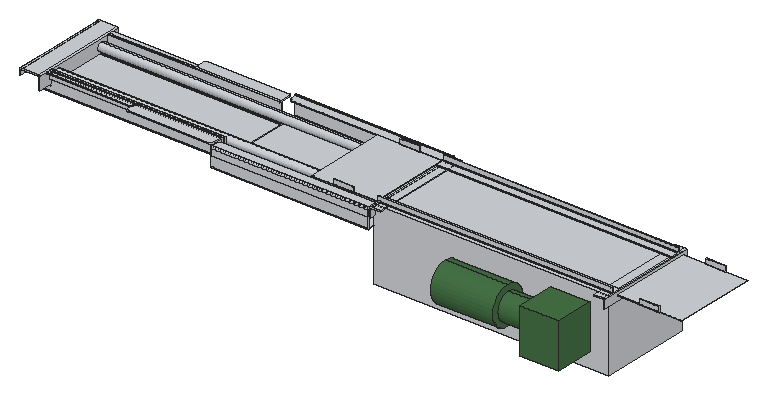
Revit family "C370", category Specialty Equipment, Revit 2025
Family settings
  Round Connector Dimension = Use Diameter
  Part Type = Normal
  Work Plane-Based = No
  Enable Cutting in Views = No
  Always vertical = Yes
  Cut with Voids When Loaded = No
  Maintain Annotation Orientation = No
  Shared = No
  Room Calculation Point = No
Parameters
  Weight [instance] = 0
  Version = ""
  Subsystem [instance] = ""
  Special_Part_Number [instance] = ""
  Special_Description [instance] = ""
  Special_Bed [instance] = no
  Segment [instance] = ""
  SPRING_COVER_WIDTH_6 [instance] = Drive_width + 0' 0 87/128"  # 1' - 7 87/128"
  SPRING_COVER_WIDTH_5 [instance] = Drive_width - 0' 5 159/256"  # 1' - 1 97/256"
  SPRING_COVER_WIDTH_4 [instance] = Drive_width - 0' 0 195/256"  # 1' - 6 61/256"
  SPRING_COVER_WIDTH_3 [instance] = Drive_width - 0' 3 59/128"  # 1' - 3 69/128"
  SPRING_COVER_WIDTH_2 [instance] = Drive_width - 0' 0 59/128"  # 1' - 6 69/128"
  SPRING_COVER_WIDTH [instance] = Drive_width + 0' 1 15/256"  # 1' - 8 15/256"
  SIO_Block_Number [instance] = ""
  Operational_Rate [instance] = ""
  Material_Number [instance] = ""
  MCP [instance] = ""
  Load_Envelope_Height [instance] = 2' - 0"
  Load_Envelope [instance] = yes
  Inner Width [instance] = CLR_NOMINAL_WIDTH - 0' 2 1/2"  # 1' - 3 1/2"
  IO_Block_Number [instance] = ""
  Estop_Zone [instance] = ""
  Error_State [instance] = yes
  Drive_width [instance] = CLR_NOMINAL_WIDTH + 0' 1"  # 1' - 7"
  Default Elevation = 0' - 0"
  Conveyor_Number [instance] = "100"
  Conveyor_Elevation_Out [instance] = Conveyor_Elevation_In  # 2' - 6"
  Conveyor_Elevation_In [instance] = 2' - 6"
  CLR_ZONE_CONTROL = ""
  CLR_ZONES = 0' - 0"
  CLR_VFD [instance] = yes
  CLR_TE_POSITION = "N"
  CLR_TAKE_UP_SPRING_QUANTITY [instance] = 2
  CLR_TAKE_UP [instance] = "Long Spring"
  CLR_SUBCLASS = ""
  CLR_SPRING_COVER = no
  CLR_SPEED_FPM [instance] = 120
  CLR_SLAVE_RATIO = "N"
  CLR_SENSOR_SKEW = 0' - 0"
  CLR_SENSOR_MOUNT = ""
  CLR_SENSOR_HAND = ""
  CLR_ROLLER_CENTER = 0' - 0"
  CLR_PULLEY_TYPE = "N"
  CLR_POPOUT_CARRYING_ROLLERS = no
  CLR_NOMINAL_WIDTH = 1' - 6"
  CLR_MOTOR_VOLTAGE [instance] = "230/60"
  CLR_MOTOR_TYPE [instance] = "Standard"
  CLR_MOTOR_HP [instance] = 1
  CLR_MODULE = ""
  CLR_LIFTER_ROLLER_CENTER = 0' - 0"
  CLR_FINGER_GUARD = no
  CLR_DRIVE_TRAIN_TYPE [instance] = "Direct"
  CLR_DRIVE_SIZE [instance] = 6
  CLR_CONTROL_VOLTAGE = ""
  CLR_CONTROL_DEVICE = ""
  CLR_CONNECTION_KIT = "N"
  CLR_CARRYING_ROLLER = "N"
  CLR_BOTTOM_COVERS = yes
  CLR_BED_LENGTH = 0' - 0"
  CLR_ASSEMBLY_HAND [instance] = "Right"
  CLR_AIR_BRAKE = 0
  Asset ID [instance] = ""
  Air_Consumption [instance] = 0
  Acceptance_Rate [instance] = ""
Reference planes (in)
  plane 1 "Center (Front/Back)": y = 0
  plane 2: z = 0
  plane 3 "Center (Left/Right)": x = 0
  plane 4 "Bot_of_SideFrame": z = 23.71
  plane 5 "Top_of_SideFrame": z = 29.71
  plane 6 "Top_of_Roller": z = 30
  plane 7: z = 10.46
  plane 8: x = 65.55859
  plane 9: x = 109.3125
  plane 10 "1": x = 65.5
  plane 11: y = 10.0293
  plane 12: y = -10.0293
  plane 13 "3": x = 36.5
  plane 14: x = 35.88
  plane 15: x = 19.88
  plane 16: y = 9.26953
  plane 17: y = -9.26953
  plane 18: x = 3.88
  plane 19: y = 7.76953
  plane 20: y = -7.76953
  plane 21 "2": x = 2
  plane 22: x = 102.0825
Forms (in)
  Extrusion 1, solid
    sketch origin (0, 0, 0) x (1, 0, 0) y (0, 1, 0)
      loop
        line (65.55859, 8.5) -> (65.55859, -8.5) -> (109.3125, -8.5) -> (109.3125, 8.5) -> (65.55859, 8.5)
    from 10.46 to 23.71
  Extrusion 2, solid
    sketch origin (109.3125, 24.98665, 48) x (0, 1, 0) y (0, 0, 1)
      loop
        line (-32.73665, -23.23) -> (-32.73665, -24.04)
        arc (-32.73665, -24.04) -> (-32.66343, -24.21678) -> (-32.48665, -24.29) r 0.25
        line (-32.48665, -24.29) -> (-30.98665, -24.29) -> (-30.98665, -24.16109) -> (-32.48275, -24.16109)
        arc (-32.48275, -24.16109) -> (-32.57114, -24.12448) -> (-32.60775, -24.03609) r 0.125
        line (-32.60775, -24.03609) -> (-32.60775, -23.23) -> (-32.73665, -23.23)
    from 0 to -43.75391
  Extrusion 3, solid
    sketch origin (109.3125, -25.23665, 48) x (0, -1, 0) y (0, 0, -1)
      loop
        line (-32.98665, 23.23) -> (-32.85775, 23.23) -> (-32.85775, 24.03609)
        arc (-32.85775, 24.03609) -> (-32.82114, 24.12448) -> (-32.73275, 24.16109) r 0.125
        line (-32.73275, 24.16109) -> (-31.23665, 24.16109) -> (-31.23665, 24.29) -> (-32.73665, 24.29)
        arc (-32.73665, 24.29) -> (-32.91343, 24.21678) -> (-32.98665, 24.04) r 0.25
        line (-32.98665, 24.04) -> (-32.98665, 23.23)
    from 0 to -43.75391
  Extrusion 4, solid
    sketch origin (-1.03656, 0, 1.8976) x (1, 0, 0) y (0, 0, 1)
      loop
        arc (66.84515, 21.8124) -> (66.66837, 21.73918) -> (66.59515, 21.5624) r 0.25
        line (66.59515, 21.5624) -> (66.59515, 20.0624) -> (66.77484, 20.0624) -> (66.77484, 21.50772)
        arc (66.77484, 21.50772) -> (66.81145, 21.5961) -> (66.89984, 21.63272) r 0.125
        line (66.89984, 21.63272) -> (68.55515, 21.63272) -> (68.55515, 21.8124) -> (66.84515, 21.8124)
    from -9.5 to 9.5
  Extrusion 5, solid
    sketch origin (175.90765, -12, 1.8976) x (-1, 0, 0) y (0, 0, 1)
      loop
        arc (66.84515, 21.8124) -> (66.66837, 21.73918) -> (66.59515, 21.5624) r 0.25
        line (66.59515, 21.5624) -> (66.59515, 20.0624) -> (66.77484, 20.0624) -> (66.77484, 21.50772)
        arc (66.77484, 21.50772) -> (66.81145, 21.5961) -> (66.89984, 21.63272) r 0.125
        line (66.89984, 21.63272) -> (68.55515, 21.63272) -> (68.55515, 21.8124) -> (66.84515, 21.8124)
    from 2.5 to 21.5
  Extrusion 6, solid
    sketch origin (65.5, -1.79419, 0.44869) x (0, 1, 0) y (0, 0, 1)
      loop
        line (11.57349, 23.26131) -> (9.82349, 23.26131) -> (9.82349, 23.08162) -> (11.5188, 23.08162)
        arc (11.5188, 23.08162) -> (11.60719, 23.04501) -> (11.6438, 22.95662) r 0.125
        line (11.6438, 22.95662) -> (11.6438, 21.76131) -> (11.82349, 21.76131) -> (11.82349, 23.01131)
        arc (11.82349, 23.01131) -> (11.75026, 23.18809) -> (11.57349, 23.26131) r 0.25
    from 0 to -29
  Extrusion 7, solid
    sketch origin (20, 1.79419, 0.44869) x (0, -1, 0) y (0, 0, 1)
      loop
        line (11.57349, 23.26131) -> (9.82349, 23.26131) -> (9.82349, 23.08162) -> (11.5188, 23.08162)
        arc (11.5188, 23.08162) -> (11.60719, 23.04501) -> (11.6438, 22.95662) r 0.125
        line (11.6438, 22.95662) -> (11.6438, 21.76131) -> (11.82349, 21.76131) -> (11.82349, 23.01131)
        arc (11.82349, 23.01131) -> (11.75026, 23.18809) -> (11.57349, 23.26131) r 0.25
    from -16.5 to -45.5
  Extrusion 8, void
    sketch origin (65.5, 9.7793, 23.71) x (1, 0, 0) y (0, -1, 0)
      loop
        line (-28.5, 1.75) -> (-28.5, 2.25) -> (-29.5, 2.25) -> (-29.5, 1.25) -> (-29, 1.25)
        arc (-29, 1.25) -> (-28.85355, 1.60355) -> (-28.5, 1.75) r 0.5
      loop
        line (0, 1.25) -> (0.03635, 1.25) -> (0.03635, 1.842) -> (-0.5, 1.842) -> (-0.5, 1.75)
        arc (-0.5, 1.75) -> (-0.14645, 1.60355) -> (0, 1.25) r 0.5
    from 0 to 12
  Extrusion 9, void
    sketch origin (20, -9.7793, 23.71) x (-1, 0, 0) y (0, 1, 0)
      loop
        line (-45, 1.75) -> (-45, 1.82053) -> (-45.53797, 1.82053) -> (-45.53797, 1.25) -> (-45.5, 1.25)
        arc (-45.5, 1.25) -> (-45.35355, 1.60355) -> (-45, 1.75) r 0.5
      loop
        arc (-17, 1.75) -> (-16.64645, 1.60355) -> (-16.5, 1.25) r 0.5
        line (-16.5, 1.25) -> (-16.33335, 1.25) -> (-16.33335, 1.88015) -> (-17, 1.88015) -> (-17, 1.75)
    from 0 to 12
  Extrusion 10, solid
    sketch origin (65.5, 20.91594, 4.26413) x (0, -1, 0) y (0, 0, -1)
      loop
        arc (13.89641, -19.44587) -> (14.07318, -19.37265) -> (14.14641, -19.19587) r 0.25
        line (14.14641, -19.19587) -> (14.14641, -17.94587) -> (13.96672, -17.94587) -> (13.96672, -19.14118)
        arc (13.96672, -19.14118) -> (13.93011, -19.22957) -> (13.84172, -19.26618) r 0.125
        line (13.84172, -19.26618) -> (11.64641, -19.26618) -> (11.64641, -19.44587) -> (13.89641, -19.44587)
    from -45.62 to -29.62
  Extrusion 11, solid
    sketch origin (-4.36, -20.91594, 4.26413) x (0, 1, 0) y (0, 0, -1)
      loop
        arc (13.89641, -19.44587) -> (14.07318, -19.37265) -> (14.14641, -19.19587) r 0.25
        line (14.14641, -19.19587) -> (14.14641, -17.94587) -> (13.96672, -17.94587) -> (13.96672, -19.14118)
        arc (13.96672, -19.14118) -> (13.93011, -19.22957) -> (13.84172, -19.26618) r 0.125
        line (13.84172, -19.26618) -> (11.64641, -19.26618) -> (11.64641, -19.44587) -> (13.89641, -19.44587)
    from -40.24 to -24.24
  Extrusion 12, void
    sketch origin (-4.36, -7.01953, 23.71) x (1, 0, 0) y (0, -1, 0)
      loop
        line (24.24, -15.78906) -> (23.99, -15.78906) -> (23.99, -16.53906) -> (24.74, -16.53906) -> (24.74, -16.28906)
        arc (24.74, -16.28906) -> (24.38645, -16.14262) -> (24.24, -15.78906) r 0.5
      loop
        line (39.74, -16.28906) -> (39.74, -16.53906) -> (40.49, -16.53906) -> (40.49, -15.78906) -> (40.24, -15.78906)
        arc (40.24, -15.78906) -> (40.09355, -16.14262) -> (39.74, -16.28906) r 0.5
      loop
        line (24.74, 2.25) -> (24.74, 2.5725) -> (23.99, 2.5725) -> (23.99, 1.75) -> (24.24, 1.75)
        arc (24.24, 1.75) -> (24.38645, 2.10355) -> (24.74, 2.25) r 0.5
      loop
        arc (39.74, 2.25) -> (40.09355, 2.10355) -> (40.24, 1.75) r 0.5
        line (40.24, 1.75) -> (40.61073, 1.75) -> (40.61073, 2.75) -> (39.74, 2.75) -> (39.74, 2.25)
    from 0 to 12
  Extrusion 13, solid
    sketch origin (65.5, 2.75197, 2.89145) x (0, 1, 0) y (0, 0, 1)
      loop
        line (5.01756, 20.81855) -> (4.26756, 20.81855)
        arc (4.26756, 20.81855) -> (4.09078, 20.74532) -> (4.01756, 20.56855) r 0.25
        line (4.01756, 20.56855) -> (4.01756, 19.31855) -> (4.19725, 19.31855) -> (4.19725, 20.51386)
        arc (4.19725, 20.51386) -> (4.23386, 20.60225) -> (4.32225, 20.63886) r 0.125
        line (4.32225, 20.63886) -> (5.01756, 20.63886) -> (5.01756, 20.81855)
    from -61.62 to -45.62
  Extrusion 14, solid
    sketch origin (-39.39712, -2.75197, 2.89145) x (0, -1, 0) y (0, 0, 1)
      loop
        line (5.01756, 20.81855) -> (4.26756, 20.81855)
        arc (4.26756, 20.81855) -> (4.09078, 20.74532) -> (4.01756, 20.56855) r 0.25
        line (4.01756, 20.56855) -> (4.01756, 19.31855) -> (4.19725, 19.31855) -> (4.19725, 20.51386)
        arc (4.19725, 20.51386) -> (4.23386, 20.60225) -> (4.32225, 20.63886) r 0.125
        line (4.32225, 20.63886) -> (5.01756, 20.63886) -> (5.01756, 20.81855)
    from -59.27712 to -43.27712
  Extrusion 15, void
    sketch origin (65.5, 7.76953, 23.71) x (1, 0, 0) y (0, -1, 0)
      loop
        line (-61.37, 15.53906) -> (-61.37, 15.64704) -> (-61.67283, 15.64704) -> (-61.67283, 15.28906) -> (-61.62, 15.28906)
        arc (-61.62, 15.28906) -> (-61.54678, 15.46584) -> (-61.37, 15.53906) r 0.25
      loop
        arc (-45.87, 15.53906) -> (-45.69322, 15.46584) -> (-45.62, 15.28906) r 0.25
        line (-45.62, 15.28906) -> (-45.62, 15.53906) -> (-45.87, 15.53906)
      loop
        line (-45.87, 0) -> (-45.62, 0) -> (-45.62, 0.25)
        arc (-45.62, 0.25) -> (-45.69322, 0.07322) -> (-45.87, 0) r 0.25
      loop
        line (-61.62, 0.25) -> (-61.87, 0.25) -> (-61.87, -0.15887) -> (-61.37, -0.15887) -> (-61.37, 0)
        arc (-61.37, 0) -> (-61.54678, 0.07322) -> (-61.62, 0.25) r 0.25
    from 0 to 12
  Extrusion 16, solid
    sketch origin (-1.63754, 0, 1.05497) x (1, 0, 0) y (0, 0, 1)
      loop
        arc (1.88754, 22.65503) -> (1.71076, 22.58181) -> (1.63754, 22.40503) r 0.25
        line (1.63754, 22.40503) -> (1.63754, 21.53503) -> (1.81722, 21.53503) -> (1.81722, 22.35034)
        arc (1.81722, 22.35034) -> (1.85383, 22.43873) -> (1.94222, 22.47534) r 0.125
        line (1.94222, 22.47534) -> (5.08285, 22.47534)
        arc (5.08285, 22.47534) -> (5.17124, 22.43873) -> (5.20785, 22.35034) r 0.125
        line (5.20785, 22.35034) -> (5.20785, 20.15503) -> (5.38754, 20.15503) -> (5.38754, 22.40503)
        arc (5.38754, 22.40503) -> (5.31431, 22.58181) -> (5.13754, 22.65503) r 0.25
        line (5.13754, 22.65503) -> (1.88754, 22.65503)
    from -9.11914 to 9.11914
  Extrusion 17, solid
    sketch origin (2, 0, 2.61463) x (0, 0, 1) y (0, -1, 0)
      loop
        line (21.09537, 6.50977) -> (21.09537, 6.68945) -> (17.59537, 6.68945)
        arc (17.59537, 6.68945) -> (17.4186, 6.61623) -> (17.34537, 6.43945) r 0.25
        line (17.34537, 6.43945) -> (17.34537, -6.43945)
        arc (17.34537, -6.43945) -> (17.4186, -6.61623) -> (17.59537, -6.68945) r 0.25
        line (17.59537, -6.68945) -> (21.09537, -6.68945) -> (21.09537, -6.50977) -> (17.65006, -6.50977)
        arc (17.65006, -6.50977) -> (17.56167, -6.47315) -> (17.52506, -6.38477) r 0.125
        line (17.52506, -6.38477) -> (17.52506, 6.38477)
        arc (17.52506, 6.38477) -> (17.56167, 6.47315) -> (17.65006, 6.50977) r 0.125
        line (17.65006, 6.50977) -> (21.09537, 6.50977)
    from 0 to 34.25
  Extrusion 18, solid
    sketch origin (36.5, 0, 5.66741) x (0, 1, 0) y (0, 0, 1)
      loop
        line (-9.66016, 18.04259) -> (-9.83984, 18.04259) -> (-9.83984, 14.54259)
        arc (-9.83984, 14.54259) -> (-9.76662, 14.36581) -> (-9.58984, 14.29259) r 0.25
        line (-9.58984, 14.29259) -> (9.58984, 14.29259)
        arc (9.58984, 14.29259) -> (9.76662, 14.36581) -> (9.83984, 14.54259) r 0.25
        line (9.83984, 14.54259) -> (9.83984, 18.04259) -> (9.66016, 18.04259) -> (9.66016, 14.59728)
        arc (9.66016, 14.59728) -> (9.62354, 14.50889) -> (9.53516, 14.47228) r 0.125
        line (9.53516, 14.47228) -> (-9.53516, 14.47228)
        arc (-9.53516, 14.47228) -> (-9.62354, 14.50889) -> (-9.66016, 14.59728) r 0.125
        line (-9.66016, 14.59728) -> (-9.66016, 18.04259)
    from -0.25 to 29
  Extrusion 19, void
    sketch origin (0, 0, 0) x (1, 0, 0) y (0, 0, 1)
      loop
        line (2, 23.53031) -> (3.44531, 23.53031) -> (3.44531, 21.03031) -> (3.88, 21.03031) -> (3.88, 24.03031) -> (2, 24.03031) -> (2, 23.53031)
    from -29.84383 to 25.79586
  Extrusion 20, solid
    sketch origin (3.75, 0, 23.71) x (0, 0, -1) y (0, 1, 0)
      loop
        circle (1.25, -5) r 0.75
      loop
        circle (1.25, 5) r 0.75
    from 0 to 61.80859
  Extrusion 21, solid, material "MOTOR"
    sketch origin (-1.32384, 0, 1.11785) x (1, 0, 0) y (0, 0, 1)
      loop
        line (99.77634, 20.40215) -> (99.77634, 12.04215) -> (107.03634, 12.04215) -> (107.03634, 20.40215) -> (99.77634, 20.40215)
    from 8.5 to 15.75185
  Extrusion 22, solid, material "MOTOR"
    sketch origin (98.4525, 0, 21.16) x (0, 0, 1) y (0, 1, 0)
      loop
        circle (-2.5, -12.83193) r 2.485
    from 0 to 4.53125
  Extrusion 23, solid, material "MOTOR"
    sketch origin (93.92125, 0, 21.16) x (0, 0, 1) y (0, 1, 0)
      loop
        circle (-2.5, -12.83193) r 3.5
    from 0 to 11.62891
Cuts and joins
  Extrusion 8 cuts Extrusion 4
  Extrusion 8 cuts Extrusion 6
  Extrusion 9 cuts Extrusion 7
  Extrusion 12, Extrusion 15 cuts Extrusion 10
  Extrusion 12, Extrusion 15 cuts Extrusion 11
  Extrusion 15 cuts Extrusion 13
  Extrusion 15 cuts Extrusion 14
  Extrusion 19 cuts Extrusion 17
Dimensions and locks (in)
  locked: plane 3 "Center (Left/Right)" to nested 1 at 110.25
  locked: plane 3 "Center (Left/Right)" to nested 2 at 53.25
  "Conveyor_Elevation_In": plane 6 "Top_of_Roller" to level
  locked: plane 6 "Top_of_Roller" to plane 5 "Top_of_SideFrame" at 0.29
  locked: plane 5 "Top_of_SideFrame" to plane 4 "Bot_of_SideFrame" at 6
  locked: nested 2 to plane 4 "Bot_of_SideFrame"
  locked: nested 1 to plane 4 "Bot_of_SideFrame"
  equal spacing: Extrusion 1 sketch curve, plane 1 "Center (Front/Back)", Extrusion 1 sketch curve
  locked: plane 4 "Bot_of_SideFrame" to plane 7 at 13.25
  locked: plane 3 "Center (Left/Right)" to plane 8 at 65.55859
  plane 3 "Center (Left/Right)" to plane 9 = 9' - 1 5/16"
  locked: Extrusion 2 sketch curve to Extrusion 2 sketch curve at 1.75
  locked: Extrusion 2 sketch curve to Extrusion 2 sketch curve at 1.06
  locked: Extrusion 2 sketch curve to Extrusion 2 sketch curve at 0.12891
  locked: Extrusion 2 sketch curve to Extrusion 1 at 0.12891
  locked: Extrusion 3 sketch curve to Extrusion 3 sketch curve at 1.75
  locked: Extrusion 3 sketch curve to Extrusion 3 sketch curve at 1.06
  locked: Extrusion 3 sketch curve to Extrusion 3 sketch curve at 0.12891
  locked: Extrusion 3 to plane 4 "Bot_of_SideFrame"
  equal spacing: Extrusion 2, nested 1, Extrusion 3
  "Inner Width": Extrusion 2 to Extrusion 3
  locked: Extrusion 4 sketch curve to Extrusion 4 sketch curve at 1.96
  locked: Extrusion 4 sketch curve to Extrusion 4 sketch curve at 1.75
  locked: Extrusion 4 sketch curve to Extrusion 4 sketch curve at 0.17969  (x2)
  locked: Extrusion 4 to plane 8
  locked: plane 4 "Bot_of_SideFrame" to Extrusion 4
  locked: Extrusion 5 sketch curve to Extrusion 5 sketch curve at 1.96
  locked: Extrusion 5 sketch curve to Extrusion 5 sketch curve at 1.75
  locked: Extrusion 5 sketch curve to Extrusion 5 sketch curve at 0.17969  (x2)
  locked: plane 9 to Extrusion 5
  locked: plane 4 "Bot_of_SideFrame" to Extrusion 5
  equal spacing: Extrusion 4, plane 1 "Center (Front/Back)", Extrusion 4
  "Drive_width": Extrusion 4 to Extrusion 4
  equal spacing: Extrusion 5, plane 1 "Center (Front/Back)", Extrusion 5
  "Drive_width": Extrusion 5 to Extrusion 5
  locked: Extrusion 1 sketch curve to Extrusion 1 sketch curve at 17
  locked: plane 3 "Center (Left/Right)" to plane 10 "1" at 65.5
  locked: Extrusion 6 sketch curve to Extrusion 6 sketch curve at 2
  locked: Extrusion 6 sketch curve to Extrusion 6 sketch curve at 1.5
  locked: Extrusion 6 sketch curve to Extrusion 6 sketch curve at 0.17969  (x2)
  locked: Extrusion 6 to plane 4 "Bot_of_SideFrame"
  equal spacing: plane 11, plane 1 "Center (Front/Back)", plane 12
  "SPRING_COVER_WIDTH": plane 11 to plane 12
  locked: plane 11 to Extrusion 6
  locked: plane 13 "3" to plane 10 "1" at 29
  locked: Extrusion 7 sketch curve to Extrusion 7 sketch curve at 2
  locked: Extrusion 7 sketch curve to Extrusion 7 sketch curve at 1.5
  locked: Extrusion 7 sketch curve to Extrusion 7 sketch curve at 0.17969  (x2)
  locked: plane 12 to Extrusion 7
  plane 14 to plane 13 "3" = 0' - 0.62"
  locked: plane 15 to plane 14 at 16
  equal spacing: plane 16, plane 1 "Center (Front/Back)", plane 17
  "SPRING_COVER_WIDTH_2": plane 16 to plane 17
  locked: Extrusion 10 sketch curve to Extrusion 10 sketch curve at 2.5
  locked: Extrusion 10 sketch curve to Extrusion 10 sketch curve at 1.5
  locked: Extrusion 10 sketch curve to Extrusion 10 sketch curve at 0.17969  (x2)
  locked: plane 16 to Extrusion 10
  locked: plane 4 "Bot_of_SideFrame" to Extrusion 10
  locked: Extrusion 11 sketch curve to Extrusion 11 sketch curve at 2.5
  locked: Extrusion 11 sketch curve to Extrusion 11 sketch curve at 1.5
  locked: Extrusion 11 sketch curve to Extrusion 11 sketch curve at 0.17969  (x2)
  locked: Extrusion 11 to plane 14
  locked: Extrusion 11 to plane 15
  locked: plane 17 to Extrusion 11
  locked: plane 18 to plane 15 at 16
  equal spacing: plane 19, plane 1 "Center (Front/Back)", plane 20
  "SPRING_COVER_WIDTH_3": plane 19 to plane 20
  locked: Extrusion 13 sketch curve to Extrusion 13 sketch curve at 1
  locked: Extrusion 13 sketch curve to Extrusion 13 sketch curve at 1.5
  locked: Extrusion 13 sketch curve to Extrusion 13 sketch curve at 0.17969  (x2)
  locked: plane 4 "Bot_of_SideFrame" to Extrusion 13
  locked: plane 19 to Extrusion 13
  locked: Extrusion 14 sketch curve to Extrusion 14 sketch curve at 1
  locked: Extrusion 14 sketch curve to Extrusion 14 sketch curve at 1.5
  locked: Extrusion 14 sketch curve to Extrusion 14 sketch curve at 0.17969  (x2)
  locked: plane 20 to Extrusion 14
  locked: plane 18 to Extrusion 14
  locked: Extrusion 14 to plane 15
  locked: Extrusion 16 sketch curve to Extrusion 16 sketch curve at 1.12
  locked: Extrusion 16 sketch curve to Extrusion 16 sketch curve at 0.17969  (x3)
  locked: plane 4 "Bot_of_SideFrame" to Extrusion 16
  locked: Extrusion 16 to plane 3 "Center (Left/Right)"
  equal spacing: Extrusion 16, plane 1 "Center (Front/Back)", Extrusion 16
  "SPRING_COVER_WIDTH_4": Extrusion 16 to Extrusion 16
  locked: plane 21 "2" to plane 3 "Center (Left/Right)" at 2
  equal spacing: Extrusion 17 sketch curve, plane 1 "Center (Front/Back)", Extrusion 17 sketch curve
  "SPRING_COVER_WIDTH_5": Extrusion 17 sketch curve to Extrusion 17 sketch curve
  locked: Extrusion 17 sketch curve to Extrusion 17 sketch curve at 3.75
  locked: Extrusion 17 sketch curve to Extrusion 17 sketch curve at 0.17969  (x3)
  locked: plane 4 "Bot_of_SideFrame" to Extrusion 17
  equal spacing: Extrusion 18 sketch curve, plane 1 "Center (Front/Back)", Extrusion 18 sketch curve
  "SPRING_COVER_WIDTH_6": Extrusion 18 sketch curve to Extrusion 18 sketch curve
  locked: Extrusion 18 sketch curve to Extrusion 18 sketch curve at 3.75  (x2)
  locked: Extrusion 18 sketch curve to Extrusion 18 sketch curve at 0.17969  (x3)
  locked: plane 4 "Bot_of_SideFrame" to Extrusion 18
  locked: Extrusion 16 sketch curve to Extrusion 16 sketch curve at 2.5
  locked: Extrusion 16 sketch curve to Extrusion 16 sketch curve at 3.75
  locked: plane 4 "Bot_of_SideFrame" to Extrusion 20 sketch curve at 1.25  (x2)
  locked: Extrusion 20 sketch curve to plane 1 "Center (Front/Back)" at 5
  locked: plane 1 "Center (Front/Back)" to Extrusion 20 sketch curve at 5
  locked: Extrusion 21 sketch curve to Extrusion 21 sketch curve at 8.36
  locked: Extrusion 21 sketch curve to Extrusion 21 sketch curve at 7.26
  locked: Extrusion 21 to plane 7 at 2.7
  plane 9 to Extrusion 21 = 0' - 3.6"
  aligned and locked: level to plane 2
  aligned and locked: plane 1 "Center (Front/Back)" to nested 1
  aligned and locked: plane 1 "Center (Front/Back)" to nested 2
  aligned and locked: plane 4 "Bot_of_SideFrame" to Extrusion 1
  aligned and locked: Extrusion 1 to plane 7
  aligned and locked: Extrusion 1 to plane 8
  aligned and locked: plane 9 to Extrusion 1
  aligned and locked: Extrusion 2 to plane 8
  aligned and locked: Extrusion 6 to plane 13 "3"
  aligned and locked: plane 10 "1" to Extrusion 7
  aligned and locked: Extrusion 7 to plane 13 "3"
  aligned and locked: Extrusion 10 to plane 15
  aligned and locked: plane 14 to Extrusion 10
  aligned and locked: Extrusion 13 to plane 18
  aligned and locked: plane 15 to Extrusion 13
  aligned and locked: plane 10 "1" to Extrusion 18
  aligned and locked: Extrusion 18 to Extrusion 17
  aligned and locked: Extrusion 20 to Extrusion 1
  aligned and locked: Extrusion 21 to Extrusion 1
Automatic sketch dimensions
  Extrusion 1 sketch curve to plane 8 = 0' - 0"
  Extrusion 1 sketch curve to plane 9 = 0' - 0"
  Extrusion 2 sketch curve to plane 4 "Bot_of_SideFrame" = 0' - 0"
  Extrusion 2 sketch curve to plane 20 = 0' - 0 5/256"
  Extrusion 2 sketch curve to Extrusion 2 sketch curve = 0' - 0 31/256"
  Extrusion 2 sketch curve to Extrusion 2 sketch curve = 0' - 0 1/256"
  Extrusion 3 sketch curve to plane 4 "Bot_of_SideFrame" = 0' - 0"
  plane 19 to Extrusion 3 sketch curve = 0' - 0 5/256"
  Extrusion 3 sketch curve to Extrusion 3 sketch curve = 0' - 0 31/256"
  Extrusion 3 sketch curve to Extrusion 3 sketch curve = 0' - 0 1/256"  (x2)
  Extrusion 4 sketch curve to plane 8 = 0' - 0"
  Extrusion 4 sketch curve to plane 4 "Bot_of_SideFrame" = 0' - 0"
  plane 8 to Extrusion 4 sketch curve = 0' - 0 1/4"
  Extrusion 4 sketch curve to Extrusion 4 sketch curve = 0' - 0 7/128"
  Extrusion 5 sketch curve to plane 9 = 0' - 0"
  Extrusion 5 sketch curve to plane 4 "Bot_of_SideFrame" = 0' - 0"
  Extrusion 5 sketch curve to plane 9 = 0' - 0 1/4"
  Extrusion 5 sketch curve to Extrusion 5 sketch curve = 0' - 0 7/128"
  Extrusion 6 sketch curve to plane 4 "Bot_of_SideFrame" = 0' - 0"
  Extrusion 6 sketch curve to plane 11 = 0' - 0"
  Extrusion 6 sketch curve to Extrusion 6 sketch curve = 0' - 0 1/8"
  Extrusion 6 sketch curve to Extrusion 6 sketch curve = 0' - 0 7/128"
  Extrusion 7 sketch curve to plane 4 "Bot_of_SideFrame" = 0' - 0"
  Extrusion 7 sketch curve to plane 12 = 0' - 0"
  Extrusion 7 sketch curve to Extrusion 7 sketch curve = 0' - 0 1/8"
  Extrusion 7 sketch curve to Extrusion 7 sketch curve = 0' - 0 7/128"
  Extrusion 8 sketch curve to Extrusion 6 = 0' - 0"  (x4)
  Extrusion 8 sketch curve to Extrusion 8 sketch curve = 0' - 0 1/2"  (x2)
  Extrusion 6 to Extrusion 8 sketch curve = 0' - 0 1/2"
  Extrusion 8 sketch curve to Extrusion 6 = 0' - 0.03635"
  Extrusion 8 sketch curve to Extrusion 6 = 0' - 0.092"
  Extrusion 8 sketch curve to Extrusion 6 = 0' - 0 1/2"
  Extrusion 9 sketch curve to Extrusion 7 = 0' - 0"  (x2)
  Extrusion 7 to Extrusion 9 sketch curve = 0' - 0"  (x2)
  Extrusion 9 sketch curve to Extrusion 7 = 0' - 0.03797"
  Extrusion 9 sketch curve to Extrusion 7 = 0' - 0.07053"
  Extrusion 7 to Extrusion 9 sketch curve = 0' - 0 1/2"  (x2)
  Extrusion 9 sketch curve to Extrusion 9 sketch curve = 0' - 0.16665"
  Extrusion 9 sketch curve to Extrusion 7 = 0' - 0.13015"
  Extrusion 10 sketch curve to plane 4 "Bot_of_SideFrame" = 0' - 0"
  Extrusion 10 sketch curve to plane 16 = 0' - 0"
  Extrusion 10 sketch curve to Extrusion 10 sketch curve = 0' - 0 1/8"
  Extrusion 10 sketch curve to Extrusion 10 sketch curve = 0' - 0 7/128"
  Extrusion 11 sketch curve to plane 4 "Bot_of_SideFrame" = 0' - 0"
  Extrusion 11 sketch curve to plane 17 = 0' - 0"
  Extrusion 11 sketch curve to Extrusion 11 sketch curve = 0' - 0 1/8"
  Extrusion 11 sketch curve to Extrusion 11 sketch curve = 0' - 0 7/128"
  Extrusion 12 sketch curve to Extrusion 11 = 0' - 0"  (x6)
  Extrusion 12 sketch curve to Extrusion 11 = 0' - 0 1/4"  (x2)
  Extrusion 12 sketch curve to Extrusion 12 sketch curve = 0' - 0 1/2"
  Extrusion 11 to Extrusion 12 sketch curve = 0' - 0 1/2"  (x3)
  Extrusion 12 sketch curve to Extrusion 12 sketch curve = 0' - 0 1/4"  (x2)
  Extrusion 12 sketch curve to Extrusion 12 sketch curve = 0' - 0.37073"
  Extrusion 12 sketch curve to Extrusion 11 = 0' - 0.3225"
  Extrusion 12 sketch curve to Extrusion 11 = 0' - 0 1/2"
  Extrusion 12 sketch curve to Extrusion 11 = 1' - 3 101/128"
  Extrusion 12 sketch curve to Extrusion 12 sketch curve = 0' - 0"
  Extrusion 12 sketch curve to Extrusion 12 sketch curve = 0' - 0 3/4"
  Extrusion 13 sketch curve to plane 4 "Bot_of_SideFrame" = 0' - 0"
  Extrusion 13 sketch curve to plane 19 = 0' - 0"
  Extrusion 13 sketch curve to Extrusion 13 sketch curve = 0' - 0 9/128"
  Extrusion 13 sketch curve to Extrusion 13 sketch curve = 0' - 0 7/128"
  Extrusion 14 sketch curve to plane 4 "Bot_of_SideFrame" = 0' - 0"
  Extrusion 14 sketch curve to plane 4 "Bot_of_SideFrame" = 0' - 0 1/4"
  plane 1 "Center (Front/Back)" to Extrusion 14 sketch curve = 0' - 6 197/256"
  Extrusion 14 sketch curve to Extrusion 14 sketch curve = 0' - 0 7/128"
  Extrusion 15 sketch curve to Extrusion 13 = 0' - 0"  (x4)
  Extrusion 13 to Extrusion 15 sketch curve = 0' - 0"  (x2)
  Extrusion 15 sketch curve to Extrusion 13 = 0' - 0.05283"
  Extrusion 13 to Extrusion 15 sketch curve = 0' - 0 1/4"  (x2)
  Extrusion 15 sketch curve to Extrusion 15 sketch curve = 0' - 0 1/4"  (x2)
  Extrusion 15 sketch curve to Extrusion 13 = 1' - 2 69/128"  (x2)
  Extrusion 15 sketch curve to Extrusion 15 sketch curve = 0' - 0.10797"
  Extrusion 15 sketch curve to Extrusion 13 = 0' - 0 1/4"
  Extrusion 15 sketch curve to Extrusion 15 sketch curve = 0' - 0.15887"
  Extrusion 16 sketch curve to plane 3 "Center (Left/Right)" = 0' - 0"
  Extrusion 16 sketch curve to plane 4 "Bot_of_SideFrame" = 0' - 0"
  Extrusion 16 sketch curve to Extrusion 16 sketch curve = 0' - 0 9/128"
  Extrusion 16 sketch curve to Extrusion 16 sketch curve = 0' - 0 7/128"  (x2)
  plane 21 "2" to Extrusion 16 sketch curve = 0' - 1 57/128"
  Extrusion 19 sketch curve to plane 21 "2" = 0' - 0"
  Extrusion 19 sketch curve to plane 18 = 0' - 0"
  Extrusion 19 sketch curve to plane 4 "Bot_of_SideFrame" = 0' - 0 23/128"
  Extrusion 19 sketch curve to plane 18 = 0' - 0.43469"
  Extrusion 19 sketch curve to Extrusion 19 sketch curve = 0' - 2 1/2"
  plane 4 "Bot_of_SideFrame" to Extrusion 19 sketch curve = 0' - 0 41/128"
  plane 7 to Extrusion 21 sketch curve = 0' - 2.7"
  Extrusion 21 sketch curve to plane 9 = 0' - 3.6"
  Extrusion 21 to Extrusion 22 sketch curve = 0' - 2.86"
  Extrusion 21 to Extrusion 22 sketch curve = 0' - 2.91992"
  Extrusion 17 sketch curve to plane 4 "Bot_of_SideFrame" = 0' - 0"  (x2)
  Extrusion 17 sketch curve to Extrusion 17 sketch curve = 0' - 0 9/128"  (x2)
  Extrusion 17 sketch curve to Extrusion 17 sketch curve = 0' - 0 7/128"  (x2)
  Extrusion 18 sketch curve to plane 4 "Bot_of_SideFrame" = 0' - 0"
  Extrusion 18 sketch curve to Extrusion 18 sketch curve = 0' - 0 9/128"
  Extrusion 18 sketch curve to Extrusion 18 sketch curve = 0' - 0 7/128"  (x2)
  Extrusion 18 sketch curve to Extrusion 18 sketch curve = 0' - 0 1/8"
  radius of Extrusion 20 sketch curve = 0' - 0 3/4"  (x2)
  radius of Extrusion 22 sketch curve = 0' - 2.485"
  radius of Extrusion 22 to Extrusion 23 sketch curve = 0' - 1.015"
Nested families (in)
  nested 1: "SW0046" at (116.25, 0, 0), CLR_NOMINAL_WIDTH <- "CLR_NOMINAL_WIDTH", type "SW0046"
    with bottom cover length 12.000", Nominal wedith 15.268", CLR_NOMINAL_WIDTH 1' - 6"
  nested 2: "SW0046" at (59.25, 0, 0), CLR_NOMINAL_WIDTH <- "CLR_NOMINAL_WIDTH", type "SW0046"
    with bottom cover length 12.000", Nominal wedith 15.268", CLR_NOMINAL_WIDTH 1' - 6"
Definition of nested family "SW0046"
  Parameters (values of type "SW0046")
    Default Elevation = 0' - 0"
    bottom cover length [instance] = 36.000"
    Nominal wedith [instance] = CLR_NOMINAL_WIDTH - 2.500" - 0.116" - 0.116"  # 15.268"
    CLR_NOMINAL_WIDTH [instance] = 1' - 6"
  Reference planes (in)
    plane 1 "Center (Front/Back)": y = 0
    plane 2: z = 0
    plane 3 "Center (Left/Right)": x = 0
    plane 4: y = 7.634
    plane 5: y = -7.634
    plane 6: x = 18
    plane 7: x = -18
    plane 8 "Bot_of_SideFrame": z = 23.71
    plane 9: y = 7.75
    plane 10: y = 7.6729
    plane 11: z = 24.71
    plane 12: z = 23.71
    plane 13: y = 7.634
    plane 14: z = 23.7871
    plane 15: x = 13.8
    plane 16: x = -13.8
    plane 17: y = -7.75
    plane 18: y = -7.6729
    plane 19: z = 24.71
    plane 20: z = 23.71
    plane 21: y = -7.634
    plane 22: z = 23.7871
  Forms (in)
    Extrusion 1, solid
      sketch origin (0, 0, 23.47) x (1, 0, 0) y (0, 1, 0)
        loop
          line (18, 7.634) -> (-18, 7.634) -> (-18, -7.634) -> (18, -7.634) -> (18, 7.634)
      from 0.317 to 0.24
    Extrusion 2, solid
      sketch origin (0, 0, 0) x (0, 1, 0) y (0, 0, 1)
        loop
          line (7.6729, 24.71) -> (7.6729, 23.7871) -> (7.634, 23.7871) -> (7.634, 23.71) -> (7.67336, 23.71)
          arc (7.67336, 23.71) -> (7.72755, 23.73245) -> (7.75, 23.78664) r 0.07664
          line (7.75, 23.78664) -> (7.75, 24.71) -> (7.6729, 24.71)
      from -13.8 to 13.8
    Extrusion 3, solid
      sketch origin (0, -11.25, 0) x (0, -1, 0) y (0, 0, -1)
        loop
          line (-3.5771, -24.71) -> (-3.5, -24.71) -> (-3.5, -23.78664)
          arc (-3.5, -23.78664) -> (-3.52245, -23.73245) -> (-3.57664, -23.71) r 0.07664
          line (-3.57664, -23.71) -> (-3.616, -23.71) -> (-3.616, -23.7871) -> (-3.5771, -23.7871) -> (-3.5771, -24.71)
      from -13.8 to 13.8
  Dimensions and locks (in)
    equal spacing: plane 7, plane 3 "Center (Left/Right)", plane 6
    equal spacing: plane 4, plane 1 "Center (Front/Back)", plane 5
    "bottom cover length": plane 7 to plane 6
    "Nominal wedith": plane 4 to plane 5
    Extrusion 1 to Extrusion 1 = 0' - 0.077"  (x2)
    locked: plane 8 "Bot_of_SideFrame" to Extrusion 1
    locked: level to plane 8 "Bot_of_SideFrame" at 23.71
    locked: plane 8 "Bot_of_SideFrame" to Extrusion 1 at 0.077
    locked: plane 12 to plane 14 at 0.0771
    locked: plane 13 to plane 10 at 0.0389
    locked: plane 10 to plane 9 at 0.0771
    locked: plane 12 to plane 11 at 1
    locked: plane 15 to plane 6 at 4.2
    locked: plane 7 to plane 16 at 4.2
    locked: plane 22 to plane 20 at 0.0771
    locked: plane 21 to plane 18 at 0.0389
    locked: plane 18 to plane 17 at 0.0771
    locked: plane 19 to plane 20 at 1
    Extrusion 2 to Extrusion 2 = 0' - 0.116"
    aligned and locked: level to plane 2
    aligned and locked: plane 4 to Extrusion 1 sketch curve
    aligned and locked: plane 6 to Extrusion 1 sketch curve
    aligned and locked: plane 5 to Extrusion 1 sketch curve
    aligned and locked: Extrusion 1 sketch curve to plane 7
    aligned and locked: plane 8 "Bot_of_SideFrame" to plane 12
    aligned and locked: plane 4 to plane 13
    aligned and locked: plane 15 to Extrusion 2
    aligned and locked: plane 21 to Extrusion 3 sketch curve
    aligned and locked: plane 5 to plane 21
    aligned and locked: plane 15 to Extrusion 3
    aligned and locked: Extrusion 3 to plane 16
    aligned and locked: Extrusion 2 to plane 16
  Automatic sketch dimensions
    Extrusion 2 sketch curve to plane 4 = 0' - 0"
    Extrusion 2 sketch curve to plane 10 = 0' - 0"
    plane 8 "Bot_of_SideFrame" to Extrusion 2 sketch curve = 0' - 0"
    Extrusion 2 sketch curve to plane 9 = 0' - 0"
    plane 14 to Extrusion 2 sketch curve = 0' - 0"
    plane 11 to Extrusion 2 sketch curve = 0' - 0"
    plane 10 to Extrusion 2 sketch curve = 0' - 0.00046"
    Extrusion 3 sketch curve to plane 18 = 0' - 0"
    plane 8 "Bot_of_SideFrame" to Extrusion 3 sketch curve = 0' - 0"
    Extrusion 3 sketch curve to plane 17 = 0' - 0"
    plane 19 to Extrusion 3 sketch curve = 0' - 0"
    plane 22 to Extrusion 3 sketch curve = 0' - 0"
    plane 18 to Extrusion 3 sketch curve = 0' - 0.00046"
